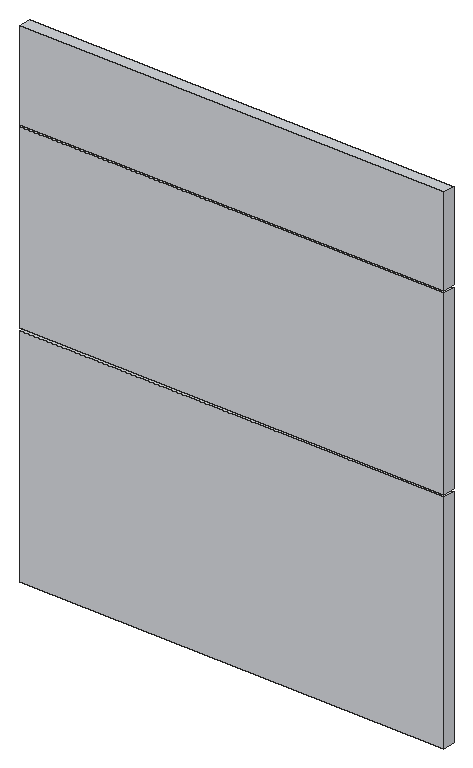
Revit family "Front - 3 Drawers", category Casework, Revit 2025
Family settings
  Work Plane-Based = No
  Always vertical = Yes
  Cut with Voids When Loaded = No
  Shared = No
  Room Calculation Point = No
Parameters (values of type "Front - 3 Drawers")
  Width = 600 mm
  Swing = yes
  Height = 704 mm
  Front Finish = none
  Depth = 16 mm
  Default Elevation = 0 mm
  Creator Organization [instance] = "© Danish Educational Content"  # constant formula
  Creator Name [instance] = "© Erik Falck Jørgensen"  # constant formula
  Creator Build [instance] = "2023.0405.0"  # constant formula
  Assembly Code = ""
Reference planes
  plane 1 "Front": y = 0
  plane 2: z = 0
  plane 3 "Center (Left/Right)": x = 0
  plane 4: x = -300
  plane 5: x = 300
  plane 6: z = 704
  plane 7: z = 576
  plane 8: z = 320
  plane 9: z = 576
  plane 10: z = 320
Forms (mm)
  Extrusion 1, solid, material <- "Front Finish"
    sketch origin (0, 0, 0) x (1, 0, 0) y (0, 0, 1)
      loop
        line (-297, 701) -> (-297, 3) -> (297, 3) -> (297, 701) -> (-297, 701)
    from 0 to 16 <- "Depth"
  Extrusion 2, void
    sketch origin (0, 0, 0) x (0, 1, 0) y (0, 0, 1)
      loop
        line (0, 577.5) -> (-16, 577.5) -> (-16, 574.5) -> (0, 574.5) -> (0, 577.5)
    from -300 to 300
  Extrusion 3, void
    sketch origin (0, 0, -256) x (0, 1, 0) y (0, 0, 1)
      loop
        line (0, 577.5) -> (-16, 577.5) -> (-16, 574.5) -> (0, 574.5) -> (0, 577.5)
    from -300 to 300
Cuts and joins
  Extrusion 2, Extrusion 3 cuts Extrusion 1
Lines and regions (mm)
  symbolic lines, style "Elevation Swing", visible <- "Swing"
    curve 1: line (-279.787, -35.011, 0) -> (279.787, -35.011, 0)
    curve 2: line (-259.597, -69.981, 0) -> (259.597, -69.981, 0)
    curve 3: line (-239.407, -104.951, 0) -> (239.407, -104.951, 0)
  symbolic lines, style "InvisibleLines"
    curve 4: line (-300, 0, 0) -> (-199.009, -174.921, 0)
    curve 5: line (300, 0, 0) -> (199.009, -174.921, 0)
  reference lines
    curve 6: line (-300, 0, 0) -> (-100, -346.41, 0)
    curve 7: line (300, 0, 0) -> (102.5, -342.08, 0)
Dimensions and locks
  equal spacing: plane 4, plane 3 "Center (Left/Right)", plane 5
  "Width": plane 4 to plane 5
  "Height": plane 6 to plane 2
  locked: Extrusion 1 sketch curve to plane 2 at 3
  locked: plane 6 to Extrusion 1 sketch curve at 3
  locked: Extrusion 1 sketch curve to plane 4 at 3
  locked: plane 5 to Extrusion 1 sketch curve at 3
  plane 6 to plane 7 to plane 8 to plane 2 = 128 mm, 256 mm, 320 mm
  equal spacing: Extrusion 2 sketch curve, plane 9, Extrusion 2 sketch curve
  locked: Extrusion 2 sketch curve to Extrusion 2 sketch curve at 3
  equal spacing: Extrusion 3 sketch curve, plane 10, Extrusion 3 sketch curve
  locked: Extrusion 3 sketch curve to Extrusion 3 sketch curve at 3
  curve 3 to curve 2 to curve 1 to plane 1 "Front" = 34.97 mm locked, 34.97 mm locked, 35.011 mm locked
  locked: plane 4 to curve 6 (angle 30.00°)
  locked: curve 7 to plane 5 (angle 30.00°)
  aligned and locked: level to plane 2
  aligned and locked: Extrusion 2 sketch curve to Extrusion 1  (x2)
  aligned and locked: plane 7 to plane 9
  aligned and locked: plane 8 to plane 10
  aligned and locked: cut or joined group of Extrusion 1, Extrusion 2, Extrusion 3 to plane 4  (x2)
  aligned: cut or joined group of Extrusion 1, Extrusion 2, Extrusion 3 to plane 4  (x2)
  aligned: plane 5 to cut or joined group of Extrusion 1, Extrusion 2, Extrusion 3  (x2)
  aligned and locked: plane 5 to cut or joined group of Extrusion 1, Extrusion 2, Extrusion 3  (x2)
  aligned and locked: curve 7 to curve 5
  aligned and locked: curve 4 to curve 6
Automatic sketch dimensions
  Extrusion 3 sketch curve to plane 1 "Front" = 0 mm
  Extrusion 3 sketch curve to Extrusion 3 sketch curve = 16 mm
  plane 1 "Front" to curve 6 = 0 mm
  curve 6 to plane 4 = 0 mm
  plane 1 "Front" to curve 7 = 0 mm
  curve 7 to plane 5 = 0 mm
  plane 1 "Front" to curve 4 = 0 mm
  plane 1 "Front" to curve 5 = 0 mm
  curve 3 to curve 4 = 40.397 mm
  curve 5 to curve 3 = 40.397 mm
